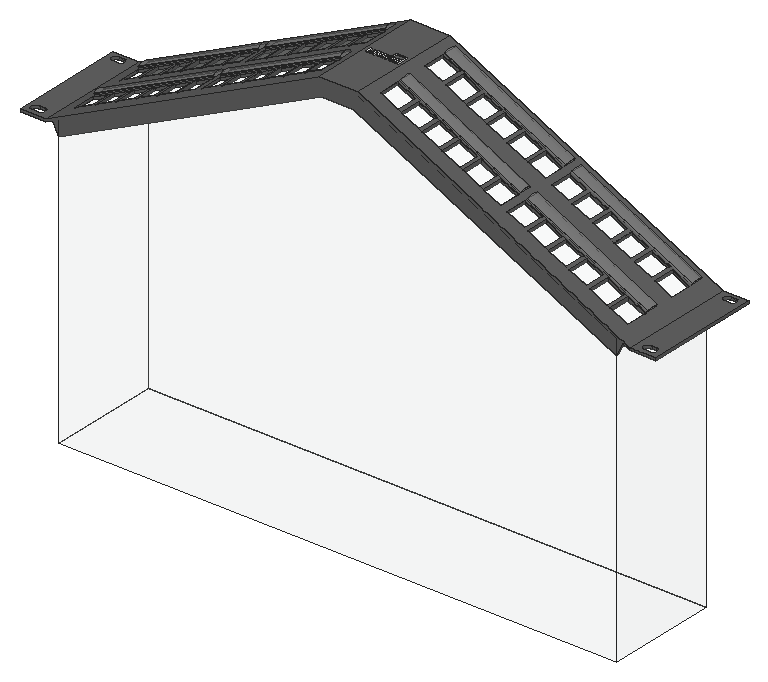
Revit family "Data_Device-Network-Leviton-Patch_Panel-Angled", category Data Devices, host Face, Revit 2025 (continued)
Automatic sketch dimensions
  curve 52 to plane 7 "Recess" = 0.19682"
  curve 52 to plane 17 = 0.40894"
  plane 29 "Connector Host" to curve 53 = 0.03543"
  curve 53 to plane 17 = 0.22251"
  curve 54 to plane 17 = 0.02725"
  curve 57 to plane 17 = 0.01000"
  curve 55 to plane 5 "Right" = 0.00000"
  plane 3 "Center (Left/Right)" to curve 50 = 0.46801"
  curve 49 to plane 3 "Center (Left/Right)" = 0.46801"
  curve 64 to plane 7 "Recess" = 0.19682"
  plane 16 to curve 64 = 0.40894"
  plane 29 "Connector Host" to curve 63 = 0.03543"
  plane 16 to curve 63 = 0.22251"
  plane 16 to curve 63 = 0.02725"
  plane 16 to curve 59 = 0.01000"
  plane 4 "Left" to curve 60 = 0.00000"
  curve 49 to plane 30 "Front" = 0.50000"
  plane 24 to Extrusion 10 sketch curve = 0.07833"  (x2)
  plane 24 to Extrusion 10 sketch curve = 0.36536"  (x2)
  plane 24 to Extrusion 10 sketch curve = 0.41007"
  Extrusion 10 sketch curve to Extrusion 10 sketch curve = 0.09168"  (x20)
  plane 24 to Extrusion 10 sketch curve = 0.37861"  (x2)
  Extrusion 10 sketch curve to Extrusion 10 sketch curve = 0.01534"  (x24)
  plane 24 to Extrusion 10 sketch curve = 0.66564"  (x2)
  plane 24 to Extrusion 10 sketch curve = 0.71036"
  plane 24 to Extrusion 10 sketch curve = 0.67890"  (x2)
  plane 24 to Extrusion 10 sketch curve = 0.96593"  (x2)
  plane 24 to Extrusion 10 sketch curve = 1.01064"
  plane 24 to Extrusion 10 sketch curve = 0.97918"  (x2)
  plane 24 to Extrusion 10 sketch curve = 1.26621"  (x2)
  plane 24 to Extrusion 10 sketch curve = 1.31093"
  plane 24 to Extrusion 10 sketch curve = 1.27947"
  plane 24 to Extrusion 10 sketch curve = 1.56650"  (x2)
  plane 24 to Extrusion 10 sketch curve = 1.61121"
  plane 24 to Extrusion 10 sketch curve = 1.57976"
  plane 24 to Extrusion 10 sketch curve = 1.86679"  (x2)
  Extrusion 10 sketch curve to Extrusion 10 sketch curve = 0.19054"  (x2)
  Extrusion 10 sketch curve to plane 30 "Front" = 1.92465"
  Extrusion 10 sketch curve to plane 30 "Front" = 1.63762"  (x2)
  Extrusion 10 sketch curve to Extrusion 10 sketch curve = 0.52400"  (x5)
  Extrusion 10 sketch curve to plane 30 "Front" = 1.59291"
  Extrusion 10 sketch curve to plane 30 "Front" = 1.62437"  (x2)
  Extrusion 10 sketch curve to plane 30 "Front" = 1.33734"  (x2)
  Extrusion 10 sketch curve to plane 30 "Front" = 1.29262"
  Extrusion 10 sketch curve to plane 30 "Front" = 1.32408"  (x2)
  Extrusion 10 sketch curve to plane 30 "Front" = 1.03705"  (x2)
  Extrusion 10 sketch curve to plane 30 "Front" = 0.99234"
  Extrusion 10 sketch curve to plane 30 "Front" = 1.02380"  (x2)
  Extrusion 10 sketch curve to plane 30 "Front" = 0.73677"  (x2)
  Extrusion 10 sketch curve to plane 30 "Front" = 0.69205"
  Extrusion 10 sketch curve to plane 30 "Front" = 0.72351"  (x2)
  Extrusion 10 sketch curve to plane 30 "Front" = 0.43648"  (x2)
  Extrusion 10 sketch curve to plane 30 "Front" = 0.39177"
  Extrusion 10 sketch curve to plane 30 "Front" = 0.42322"  (x2)
  Extrusion 10 sketch curve to plane 30 "Front" = 0.13619"  (x2)
  Extrusion 10 sketch curve to plane 30 "Front" = 0.16765"
  Extrusion 10 sketch curve to plane 3 "Center (Left/Right)" = 0.85879"
  Extrusion 10 sketch curve to plane 30 "Front" = 0.46794"
  Extrusion 10 sketch curve to plane 30 "Front" = 0.76822"
  Extrusion 10 sketch curve to plane 30 "Front" = 1.06851"
  Extrusion 10 sketch curve to plane 30 "Front" = 1.36880"
  plane 24 to Extrusion 10 sketch curve = 1.23476"
  plane 24 to Extrusion 10 sketch curve = 0.63418"
  plane 24 to Extrusion 10 sketch curve = 0.33390"  (x2)
  Extrusion 10 sketch curve to Extrusion 10 sketch curve = 0.04471"  (x2)
  Extrusion 10 sketch curve to Extrusion 10 sketch curve = 0.09293"
  Extrusion 11 sketch curve to plane 17 = 0.22100"
  plane 16 to Extrusion 11 sketch curve = 0.27900"
  curve 68 to plane 44 = 0.33500"
  curve 65 to plane 31 "Upper Interior" = 0.01470"
  plane 26 to Extrusion 8 = 0.00000"
  curve 70 to plane 31 "Upper Interior" = 0.01470"
  plane 24 to Extrusion 12 sketch curve = 0.10978"
  Extrusion 12 sketch curve to plane 17 = 0.48059"
  level to Extrusion 12 sketch curve = 0.27833"
  plane 24 to Extrusion 12 sketch curve = 0.36536"
  plane 24 to Extrusion 12 sketch curve = 0.41007"
  Extrusion 12 sketch curve to Extrusion 12 sketch curve = 0.09168"  (x20)
  plane 24 to Extrusion 12 sketch curve = 0.37861"  (x2)
  Extrusion 12 sketch curve to Extrusion 12 sketch curve = 0.01534"  (x22)
  plane 24 to Extrusion 12 sketch curve = 0.66564"  (x2)
  plane 24 to Extrusion 12 sketch curve = 0.71036"
  plane 24 to Extrusion 12 sketch curve = 0.67890"  (x2)
  plane 24 to Extrusion 12 sketch curve = 0.96593"  (x2)
  plane 24 to Extrusion 12 sketch curve = 1.01064"
  plane 24 to Extrusion 12 sketch curve = 0.97918"  (x2)
  plane 24 to Extrusion 12 sketch curve = 1.26621"  (x2)
  plane 24 to Extrusion 12 sketch curve = 1.31093"
  plane 24 to Extrusion 12 sketch curve = 1.27947"
  plane 24 to Extrusion 12 sketch curve = 1.56650"  (x2)
  plane 24 to Extrusion 12 sketch curve = 1.61121"
  plane 24 to Extrusion 12 sketch curve = 1.57976"
  plane 24 to Extrusion 12 sketch curve = 1.86679"  (x2)
  Extrusion 12 sketch curve to plane 30 "Front" = 1.89320"
  Extrusion 12 sketch curve to Extrusion 12 sketch curve = 0.19054"  (x2)
  Extrusion 12 sketch curve to plane 30 "Front" = 1.92465"
  Extrusion 12 sketch curve to plane 30 "Front" = 1.63762"  (x2)
  Extrusion 12 sketch curve to plane 30 "Front" = 1.59291"
  Extrusion 12 sketch curve to plane 30 "Front" = 1.62437"  (x2)
  Extrusion 12 sketch curve to plane 30 "Front" = 1.33734"  (x2)
  Extrusion 12 sketch curve to plane 30 "Front" = 1.29262"
  Extrusion 12 sketch curve to plane 30 "Front" = 1.32408"  (x2)
  Extrusion 12 sketch curve to plane 30 "Front" = 1.03705"  (x2)
  Extrusion 12 sketch curve to plane 30 "Front" = 0.99234"
  Extrusion 12 sketch curve to plane 30 "Front" = 1.02380"  (x2)
  Extrusion 12 sketch curve to plane 30 "Front" = 0.73677"  (x2)
  Extrusion 12 sketch curve to plane 30 "Front" = 0.69205"
  Extrusion 12 sketch curve to plane 30 "Front" = 0.72351"  (x2)
  Extrusion 12 sketch curve to plane 30 "Front" = 0.43648"  (x2)
  Extrusion 12 sketch curve to plane 30 "Front" = 0.39177"
  Extrusion 12 sketch curve to plane 30 "Front" = 0.42322"  (x2)
  Extrusion 12 sketch curve to plane 30 "Front" = 0.13619"  (x2)
  Extrusion 12 sketch curve to plane 30 "Front" = 0.16765"
  Extrusion 12 sketch curve to plane 3 "Center (Left/Right)" = 0.85879"
  Extrusion 12 sketch curve to plane 30 "Front" = 0.46794"
  Extrusion 12 sketch curve to plane 30 "Front" = 0.76822"
  Extrusion 12 sketch curve to plane 30 "Front" = 1.06851"
  Extrusion 12 sketch curve to plane 30 "Front" = 1.36880"
  Extrusion 12 sketch curve to Extrusion 12 sketch curve = 0.52400"  (x4)
  plane 24 to Extrusion 12 sketch curve = 1.23476"
  plane 24 to Extrusion 12 sketch curve = 0.63418"
  plane 24 to Extrusion 12 sketch curve = 0.33390"
  level to Extrusion 12 sketch curve = 0.56536"
  plane 24 to Extrusion 12 sketch curve = 0.07833"
  Extrusion 12 sketch curve to Extrusion 12 sketch curve = 0.04471"  (x2)
  Extrusion 12 sketch curve to Extrusion 12 sketch curve = 0.09293"
  plane 3 "Center (Left/Right)" to Extrusion 10 sketch curve = 0.85879"
  plane 23 to Extrusion 5 sketch curve = 0.15905"  (x2)
  plane 3 "Center (Left/Right)" to Extrusion 5 sketch curve = 0.45415"
  Extrusion 5 sketch curve to plane 3 "Center (Left/Right)" = 0.45416"
  Extrusion 5 sketch curve to Extrusion 5 sketch curve = 0.10255"
  plane 29 "Connector Host" to Extrusion 5 sketch curve = 0.03543"
  plane 16 to Extrusion 5 sketch curve = 0.43525"
  plane 44 to curve 73 = 0.33500"
  plane 16 to Sweep 13 sketch curve = 0.48278"
  Sweep 13 sketch curve to profile plane = 0.25915"
  profile plane to Sweep 13 sketch curve = 0.05109"
  Sweep 13 sketch curve to Sweep 13 sketch curve = 0.00000"
  plane 9 "Bottom" to Sweep 13 sketch curve = 1.18500"
  Sweep 13 sketch curve to Sweep 13 sketch curve = 0.19000"
  Sweep 13 sketch curve to profile plane = 0.00000"
  Extrusion 14 sketch curve to Extrusion 14 sketch curve = 0.06926"
  plane 30 "Front" to Extrusion 14 sketch curve = 0.12895"  (x2)
  plane 33 to Extrusion 14 sketch curve = 0.00000"
  Extrusion 14 sketch curve to plane 30 "Front" = 1.62604"
  Extrusion 14 sketch curve to plane 32 = 0.00000"
  Extrusion 14 sketch curve to Extrusion 14 sketch curve = 0.13151"
  plane 33 to Sweep 15 sketch curve = 0.00000"  (x2)
  Sweep 15 sketch curve to plane 30 "Front" = 0.00000"
  Sweep 15 sketch curve to plane 32 = 0.00000"  (x2)
  plane 24 to Sweep 15 sketch curve = 0.10529"  (x2)
  Sweep 15 sketch curve to profile plane = 0.00000"
  Sweep 15 sketch curve to Sweep 15 sketch curve = 0.05109"  (x4)
  Sweep 15 sketch curve to profile plane = 0.25915"
Nested families (in)
  nested 1: "Symbol" at (-0.9065, -0.81578, 0), type <- "Annotation Symbol", visible <- "Annotation Symbol is Visible", type "Data"
  nested 2: "Levinton-Logo" at (-0.9065, -0.63558, 4.05292), type "Levinton-Logo"
  nested 3: "Levinton-Numbers_Angled" at (-5.48988, -1.98422, 2.10203) x (0.8988, 0, 0.4384) z (-0.4384, 0, 0.8988), visible <- "z Is Visible 2RU", type "Levinton-Numbers_Angled"
    with Numbers 37 to 48 no, Numbers 25 to 36 yes, Numbers 13 to 24 no, Numbers 1 to 12 no
  nested 4: "Levinton-Numbers_Angled" at (-5.48988, -0.315, 2.10203) x (0.8988, 0, 0.4384) z (-0.4384, 0, 0.8988), visible <- "z Is Visible 2RU", type "Levinton-Numbers_Angled"
    with Numbers 37 to 48 no, Numbers 25 to 36 no, Numbers 13 to 24 no, Numbers 1 to 12 yes
  nested 5: "Levinton-Numbers_Angled" at (3.65168, -1.98422, 2.11432) x (0.8988, 0, -0.4384) z (0.4384, 0, 0.8988), visible <- "z Is Visible 2RU", type "Levinton-Numbers_Angled"
    with Numbers 37 to 48 yes, Numbers 25 to 36 no, Numbers 13 to 24 no, Numbers 1 to 12 no
  nested 6: "Levinton-Numbers_Angled" at (3.65168, -0.315, 2.11432) x (0.8988, 0, -0.4384) z (0.4384, 0, 0.8988), visible <- "z Is Visible 2RU", type "Levinton-Numbers_Angled"
    with Numbers 37 to 48 no, Numbers 25 to 36 no, Numbers 13 to 24 yes, Numbers 1 to 12 no
  nested 7: "Levinton-Numbers_Angled" at (-5.48988, -1.98422, 2.10203) x (0.8988, 0, 0.4384) z (-0.4384, 0, 0.8988), visible <- "z Has 24 Ports", type "Levinton-Numbers_Angled"
    with Numbers 37 to 48 no, Numbers 25 to 36 no, Numbers 13 to 24 no, Numbers 1 to 12 yes
  nested 8: "Levinton-Numbers_Angled" at (3.65168, -1.98422, 2.11432) x (0.8988, 0, -0.4384) z (0.4384, 0, 0.8988), visible <- "z Has 24 Ports", type "Levinton-Numbers_Angled"
    with Numbers 37 to 48 no, Numbers 25 to 36 no, Numbers 13 to 24 yes, Numbers 1 to 12 no
Definition of nested family "Levinton-Logo"
  Parameters (values of type "Levinton-Logo")
    Default Elevation = 48.00000"
  Reference planes (in)
    plane 1 "Center (Front/Back)": y = 0
    plane 2: z = 0
    plane 3 "Center (Left/Right)": x = 0
    plane 4: x = -0.47832
    plane 5: x = 0.47832
    plane 6 "Logo Bottom": z = -0.01563
    plane 7: y = 0.33993
    plane 8: y = 0.16996
  Forms (in)
    Extrusion 1, solid
      sketch origin (0, 0, -0.01563) x (-1, 0, 0) y (0, -1, 0)
        loop
          line (0.37208, -0.04145) -> (0.43368, -0.04145) -> (0.43368, -0.16616) -> (0.47832, -0.16616) -> (0.47832, 0) -> (0.37208, 0) -> (0.37208, -0.04145)
        loop
          line (0.23363, -0.16616) -> (0.35056, -0.16616) -> (0.35056, 0) -> (0.23363, 0) -> (0.23363, -0.04145) -> (0.30592, -0.04145) -> (0.30592, -0.1247) -> (0.23363, -0.1247) -> (0.23363, -0.16616)
        loop
          line (0.2121, -0.16616) -> (0.15875, 0) -> (0.10602, 0) -> (0.05266, -0.16616) -> (0.10037, -0.16616) -> (0.13238, -0.06378) -> (0.1644, -0.16616) -> (0.2121, -0.16616)
        loop
          line (-0.01351, 0) -> (-0.01351, -0.16616) -> (0.03114, -0.16616) -> (0.03114, 0) -> (-0.01351, 0)
        loop
          line (-0.07341, -0.1247) -> (-0.07341, 0) -> (-0.11805, 0) -> (-0.11805, -0.11799) -> (-0.15632, -0.11799) -> (-0.15632, -0.07972)
          arc (-0.15632, -0.07972) -> (-0.17967, -0.02335) -> (-0.23604, 0) r 0.07972
          line (-0.23604, 0) -> (-0.47832, 0) -> (-0.47832, -0.33993) -> (-0.15632, -0.33993) -> (-0.15632, -0.16616) -> (-0.03514, -0.16616) -> (-0.03514, -0.1247) -> (-0.07341, -0.1247)
        loop
          arc (-0.16474, -0.11538) -> (-0.29241, -0.13609) -> (-0.27169, -0.00842) r 0.07972
          line (-0.27169, -0.00842) -> (-0.33821, -0.00842) -> (-0.33821, -0.16616) -> (-0.37422, -0.16616) -> (-0.43368, -0.07972) -> (-0.43368, -0.16616) -> (-0.4699, -0.16616) -> (-0.4699, -0.33151) -> (-0.16474, -0.33151) -> (-0.16474, -0.11538)
        loop
          circle (-0.23604, -0.07972) r 0.03827
        loop
          line (-0.38285, -0.07972) -> (-0.38285, -0.00842) -> (-0.43575, -0.00842) -> (-0.38285, -0.07972)
      from 0 to 0.03125
    Extrusion 2, solid
      sketch origin (0, 0, -0.01563) x (-1, 0, 0) y (0, -1, 0)
        loop
          line (0.25372, -0.07049) -> (0.25372, -0.10238) -> (0.30592, -0.10238) -> (0.30592, -0.07049) -> (0.25372, -0.07049)
      from 0 to 0.03125
  Cuts and joins
    joined: Extrusion 1, Extrusion 2
  Dimensions and locks (in)
    plane 4 to plane 3 "Center (Left/Right)" to plane 5 = 0.47832" locked, 0.47832" locked
    locked: plane 2 to plane 6 "Logo Bottom" at 0.01562
    equal spacing: plane 7, plane 8, plane 1 "Center (Front/Back)"
    locked: plane 7 to plane 1 "Center (Front/Back)" at 0.33993
  Automatic sketch dimensions
    Extrusion 1 sketch curve to Extrusion 1 sketch curve = 0.00000"  (x13)
    Extrusion 1 sketch curve to plane 5 = 0.00000"
    plane 1 "Center (Front/Back)" to Extrusion 1 sketch curve = 0.00000"  (x6)
    Extrusion 1 sketch curve to plane 7 = 0.00000"
    Extrusion 1 sketch curve to plane 4 = 0.00000"
    Extrusion 1 sketch curve to plane 8 = 0.00381"  (x8)
    Extrusion 1 sketch curve to plane 5 = 0.00842"
    Extrusion 1 sketch curve to plane 1 "Center (Front/Back)" = 0.00842"  (x2)
    Extrusion 1 sketch curve to plane 5 = 0.04257"
    Extrusion 1 sketch curve to Extrusion 1 sketch curve = 0.03622"
    Extrusion 1 sketch curve to Extrusion 1 sketch curve = 0.05083"
    Extrusion 1 sketch curve to Extrusion 1 sketch curve = 0.05946"
    Extrusion 1 sketch curve to Extrusion 1 sketch curve = 0.03602"
    Extrusion 1 sketch curve to Extrusion 1 sketch curve = 0.06651"
    Extrusion 1 sketch curve to Extrusion 1 sketch curve = 0.03566"
    Extrusion 1 sketch curve to plane 7 = 0.00842"
    plane 3 "Center (Left/Right)" to Extrusion 1 sketch curve = 0.16474"
    Extrusion 1 sketch curve to Extrusion 1 sketch curve = 0.00842"  (x2)
    Extrusion 1 sketch curve to Extrusion 1 sketch curve = 0.03827"  (x2)
    Extrusion 1 sketch curve to Extrusion 1 sketch curve = 0.04464"  (x2)
    plane 3 "Center (Left/Right)" to Extrusion 1 sketch curve = 0.03514"
    plane 3 "Center (Left/Right)" to Extrusion 1 sketch curve = 0.01351"
    Extrusion 1 sketch curve to plane 3 "Center (Left/Right)" = 0.03114"
    Extrusion 1 sketch curve to Extrusion 1 sketch curve = 0.02152"  (x3)
    Extrusion 1 sketch curve to Extrusion 1 sketch curve = 0.04771"  (x2)
    Extrusion 1 sketch curve to Extrusion 1 sketch curve = 0.07488"  (x2)
    Extrusion 1 sketch curve to plane 1 "Center (Front/Back)" = 0.06378"
    Extrusion 1 sketch curve to Extrusion 1 sketch curve = 0.02636"
    Extrusion 1 sketch curve to Extrusion 1 sketch curve = 0.05273"
    Extrusion 1 sketch curve to Extrusion 1 sketch curve = 0.06403"
    Extrusion 1 sketch curve to Extrusion 1 sketch curve = 0.07229"
    plane 4 to Extrusion 1 sketch curve = 0.04464"
    Extrusion 1 sketch curve to Extrusion 1 sketch curve = 0.04145"  (x2)
    Extrusion 1 sketch curve to Extrusion 1 sketch curve = 0.00261"
    Extrusion 1 sketch curve to Extrusion 1 sketch curve = 0.07130"
    Extrusion 1 sketch curve to plane 1 "Center (Front/Back)" = 0.04145"  (x2)
    Extrusion 2 sketch curve to plane 8 = 0.06758"
    plane 4 to Extrusion 2 sketch curve = 0.22460"
    Extrusion 2 sketch curve to Extrusion 2 sketch curve = 0.05220"
    Extrusion 2 sketch curve to Extrusion 2 sketch curve = 0.03189"
Definition of nested family "Symbol"
  Parameters
    Tel Data = no
    Phone = no
    Data = yes
  Reference planes (in)
    plane 1: y = 0
    plane 2: x = 0
  Lines and regions (in)
    Filled region 1, type "Solid Black", visible <- "Tel Data"
      outline origin (0, 0, 0) x (1, 0, 0) y (0, 1, 0)
        loop
          line (0, 0) -> (0.0654, 0.11328) -> (0, 0.11328) -> (0, 0)
    Filled region 2, type "Solid Black", visible <- "Phone"
      outline origin (0, 0, 0) x (1, 0, 0) y (0, 1, 0)
        loop
          line (0, 0) -> (0.0654, 0.11328) -> (-0.0654, 0.11328) -> (0, 0)
    Filled region 3, type "White", visible <- "Data"
      outline origin (0, 0, 0) x (1, 0, 0) y (0, 1, 0)
        loop
          line (0, 0) -> (0.0654, 0.11328) -> (-0.0654, 0.11328) -> (0, 0)
    Filled region 4, type "White", visible <- "Tel Data"
      outline origin (0, 0, 0) x (1, 0, 0) y (0, 1, 0)
        loop
          line (0, 0.11328) -> (-0.0654, 0.11328) -> (0, 0) -> (0, 0.11328)
Definition of nested family "Levinton-Numbers_Angled"
  Parameters (values of type "Levinton-Numbers_Angled")
    Numbers 37 to 48 [instance] = yes
    Numbers 25 to 36 [instance] = yes
    Numbers 13 to 24 [instance] = yes
    Numbers 1 to 12 [instance] = yes
    Default Elevation = 48.00000"
  Reference planes (in)
    plane 1 "Center (Front/Back)": y = 0
    plane 2: z = 0
    plane 3 "Center (Left/Right)": x = 0
    plane 4: y = 0.0609
    plane 5: y = -0.0617
  Dimensions and locks (in)
    aligned and locked: level to plane 2
Types (7): name | z 2RU with Screen | z 1RU with Screen | z 1 Y Offset 5 | z 2RU with Lens | z 1RU with Lens | z Leviton Type | z Is Visible 2RU | z Height | z Has 48 Ports 1RU | z Has 48 Ports | z Has 24 Ports | z 1 Y Offset 4 | z 1 Y Offset 3 | z 1 Y Offset 2 | z 1 Y Offset 1 | Shielded | Rack Spaces RU | Product Documentation Link | Part Number | Part Description | Has ID Windows | Description
  1RU, 24-Port | no | yes | 0.45000" | no | no | 110 | no | 1.72500" | no | no | yes | 0.16000" | 18.00000" | 18.00000" | 0.60000" | no | 1 | "Leviton_49256-Hxx_49256-Dxx_49256-Lxx_Angled_QuickPort_Patch_Panels.pdf" | "49256-H24" | "Angled QuickPort Patch Panel, 24-port, 1RU" | no | "Angled QuickPort Patch Panel, 24-port, 1RU"
  2RU, 48-Port, Shielded | yes | no | 0.45000" | no | no | 221 | yes | 3.47500" | no | yes | no | 18.00000" | 2.30700" | 2.30700" | 0.63900" | yes | 2 | "Leviton_4S256-Sxx_AtlasX1_Shielded_Angled_QuickPort_Patch_Panels.pdf" | "4S256-S48" | "ATLAS-X1 Shielded Angled QuickPort Patch Panel, 48 ports, 2RU, black" | no | "ATLAS-X1 Shielded Angled QuickPort Patch Panel, 48 ports, 2RU, black"
  2RU, 48-Port | yes | no | 0.45000" | no | no | 220 | yes | 3.47500" | no | yes | no | 18.00000" | 2.30700" | 2.30700" | 0.63900" | no | 2 | "Leviton_49256-Hxx_49256-Dxx_49256-Lxx_Angled_QuickPort_Patch_Panels.pdf" | "49256-H48" | "Angled QuickPort Patch Panel, 48-port, 2RU" | no | "Angled QuickPort Patch Panel, 48-port, 2RU"
  1RU, 48-Port, High Density | no | no | 0.45000" | no | no | 120 | no | 1.72500" | yes | no | no | 18.00000" | 1.01910" | 1.01910" | 0.20590" | no | 1 | "https://www.leviton.com/en/docs/Leviton_49256-Hxx_49256-Dxx_49256-Lxx_Angled_QuickPort_Patch_Panels.pdf" | "49256-D48" | "Angled QuickPort High-Density Patch Panel, 48-port, 1RU" | no | "Angled QuickPort High-Density Patch Panel, 48-port, 1RU"
  1RU, 24-Port, Shielded | no | yes | 0.45000" | no | no | 111 | no | 1.72500" | no | no | yes | 0.16000" | 18.00000" | 18.00000" | 0.60000" | yes | 1 | "Leviton_4S256-Sxx_AtlasX1_Shielded_Angled_QuickPort_Patch_Panels.pdf" | "4S256-S24" | "ATLAS-X1 Shielded Angled QuickPort Patch Panel, 24 ports, 1RU, black" | no | "ATLAS-X1 Shielded Angled QuickPort Patch Panel, 24 ports, 1RU, black"
  1RU, 24-Port, with Lens | no | no | 0.45000" | no | yes | 112 | no | 1.72500" | no | no | yes | 0.16000" | 18.00000" | 18.00000" | 0.60000" | no | 1 | "Leviton_49256-Hxx_49256-Dxx_49256-Lxx_Angled_QuickPort_Patch_Panels.pdf" | "49256-L24" | "Angled QuickPort Patch Panel, 24-port, 1RU, with Magnifying Lens" | yes | "Angled QuickPort Patch Panel, 24-port, 1RU, with Magnifying Lens"
  2RU, 48-Port, with Lens | no | no | 1.50000" | yes | no | 222 | yes | 3.47500" | no | yes | no | 18.00000" | 2.30700" | 2.30700" | 0.63900" | no | 2 | "Leviton_49256-Hxx_49256-Dxx_49256-Lxx_Angled_QuickPort_Patch_Panels.pdf" | "49256-L48" | "Angled QuickPort Patch Panel, 48-port, 2RU, with Mangnifying Lens" | yes | "Angled QuickPort Patch Panel, 48-port, 2RU, with Mangnifying Lens"
